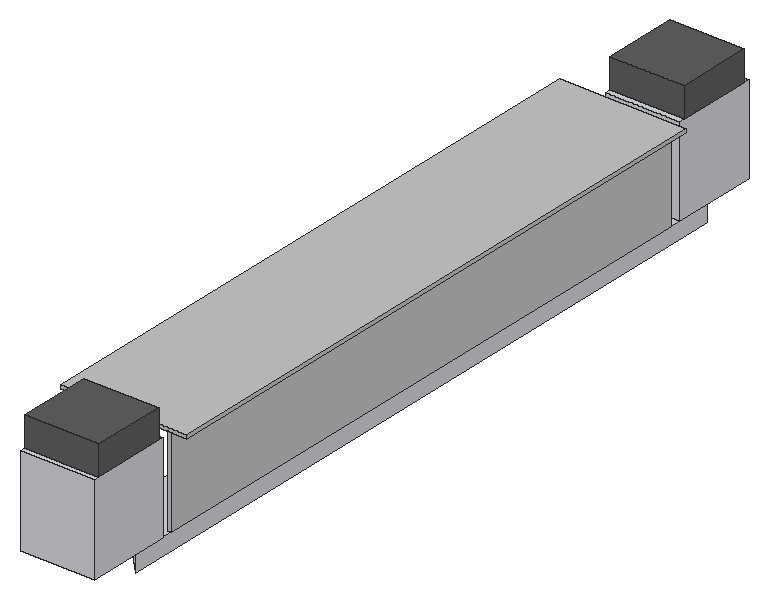
Revit family "Levelers_Kelley_EOD", category Generic Models, host Face, Revit 2023
Family settings
  Host = Face
  Can host rebar = No
  Round Connector Dimension = Use Diameter
  Part Type = Normal
  Cut with Voids When Loaded = No
  Maintain Annotation Orientation = No
  Shared = No
  Room Calculation Point = No
Parameters (values of type "84 PO Package")
  URL = "https://www.entrematic.us/en/ent/entrematicus/"
  Type Comments = ""
  Model = "EOD"
  Manufacturer = "Entrematic"
  LipLength = 1' - 3"
  LipExtention = 0' - 2"
  Hyd = ""
  EmbedWidth = DeckWidth + 1' 0"  # 8' - 0"
  Description = "Edge Of Dock Leveler"
  Default Elevation = 4' - 0"
  DeckWidth = 7' - 0"
  Capacity = "20/30k"
  BumperHeight = 0' - 10"
Types (9): name | LipExtention | EmbedWidth | DeckWidth
  (no name) | 0' - 2" | 8' - 0" | 7' - 0"
  72 | 0' - 0" | 7' - 0" | 6' - 0"
  66 PO Package | 0' - 2" | 6' - 6" | 5' - 6"
  72 PO Package | 0' - 2" | 7' - 0" | 6' - 0"
  78 | 0' - 0" | 7' - 6" | 6' - 6"
  78 PO Package | 0' - 2" | 7' - 6" | 6' - 6"
  84 | 0' - 0" | 8' - 0" | 7' - 0"
  84 PO Package | 0' - 2" | 8' - 0" | 7' - 0"
  66 | 0' - 0" | 6' - 6" | 5' - 6"
Reference planes (in)
  plane 1 "Center (Front/Back)": y = 0
  plane 2: z = 0
  plane 3 "Center (Left/Right)": x = 0
  plane 4: y = 43.5
  plane 5: y = -43.5
  plane 6: y = 42
  plane 7: y = -42
  plane 8: y = 55
  plane 9: y = -55
  plane 10: z = 12
  plane 11: x = 8
  plane 12: z = -2.25
  plane 13: z = -0.25
  plane 14: y = 48
  plane 15: y = -48
  plane 16: x = 7.5
  plane 17: x = 0.5
  plane 18: x = 10
  plane 19: x = -2
  plane 20: y = 54.25
  plane 21: y = 44.25
  plane 22: y = -44.25
  plane 23: y = -54.25
  plane 24: z = 16
Forms (in)
  Extrusion 1, solid
    sketch origin (0, 0, 0) x (1, 0, 0) y (0, 0, 1)
      loop
        line (8, 0) -> (0, 0) -> (0, -2.25) -> (0.5, -0.25) -> (7.5, -0.25) -> (8, -2.25) -> (8, 0)
    from -48 to 48
  Extrusion 2, solid, material "Serco Diamond"
    sketch origin (0, 0, 0) x (1, 0, 0) y (0, 0, 1)
      loop
        line (8, 0) -> (8, 12) -> (7.5, 12) -> (7.5, 0) -> (8, 0)
    from -42 to 42
  Extrusion 3, solid, material "Serco Diamond"
    sketch origin (0, 0, 0) x (1, 0, 0) y (0, 0, 1)
      loop
        line (10, 12) -> (10, 12.5) -> (-7, 12.5) -> (-7, 12) -> (10, 12)
    from -42 to 42
  Extrusion 4, solid
    sketch origin (0, 0, 0) x (1, 0, 0) y (0, 1, 0)
      loop
        line (8, 43.5) -> (8, 55) -> (-2, 55) -> (-2, 43.5) -> (8, 43.5)
      loop
        line (8, -43.5) -> (-2, -43.5) -> (-2, -55) -> (8, -55) -> (8, -43.5)
    from 0 to 12
  Extrusion 5, solid, material "Bumper"
    sketch origin (0, 0, 0) x (1, 0, 0) y (0, 1, 0)
      loop
        line (8, -44.25) -> (-2, -44.25) -> (-2, -54.25) -> (8, -54.25) -> (8, -44.25)
      loop
        line (8, 54.25) -> (-2, 54.25) -> (-2, 44.25) -> (8, 44.25) -> (8, 54.25)
    from 12 to 16
Text (in)
  text "Conduit Location\nHydraulic Model" at (29.3365, -31.9203, -4.76533), in view "View 1"
  text "Conduit Location\nAir Model" at (-33.16464, -40.7136, 2.88845), in view "View 1"
Dimensions and locks (in)
  locked: plane 6 to plane 4 at 1.5
  locked: plane 5 to plane 7 at 1.5
  equal spacing: plane 6, plane 1 "Center (Front/Back)", plane 7
  "DeckWidth": plane 6 to plane 7
  locked: plane 9 to plane 5 at 11.5
  locked: plane 8 to plane 4 at 11.5
  locked: plane 10 to plane 2 at 12
  locked: plane 11 to plane 3 "Center (Left/Right)" at 8
  plane 2 to plane 13 to plane 12 = 0' - 0 1/4" locked, 0' - 2" locked
  equal spacing: plane 14, plane 1 "Center (Front/Back)", plane 15
  "EmbedWidth": plane 14 to plane 15
  plane 17 to plane 16 to plane 11 = 0' - 7", 0' - 0 1/2"
  locked: Extrusion 2 sketch curve to Extrusion 2 sketch curve at 0.5
  locked: Extrusion 3 sketch curve to Extrusion 3 sketch curve at 0.5
  "LipExtention": plane 18 to plane 11
  "LipLength": plane 11 to Extrusion 3 sketch curve
  "BumperHeight": plane 19 to Extrusion 1
  plane 3 "Center (Left/Right)" to Extrusion 4 = 0' - 8"
  plane 21 to plane 20 to plane 8 = 0' - 10" locked, 0' - 0 3/4" locked
  plane 9 to plane 23 to plane 22 = 0' - 0 3/4" locked, 0' - 10" locked
  locked: plane 24 to Extrusion 4 at 4
  connector elem to Extrusion 2 = 1' - 0"
  plane 1 "Center (Front/Back)" to connector elem = 2' - 6"
  locked: connector elem to Extrusion 2 at 26
  aligned and locked: plane 2 to host face
  aligned and locked: level to host face
  aligned and locked: plane 3 "Center (Left/Right)" to Extrusion 1 sketch curve
  aligned and locked: Extrusion 1 sketch curve to plane 13
  aligned and locked: Extrusion 1 sketch curve to host face
  aligned and locked: Extrusion 1 sketch curve to plane 11
  aligned and locked: plane 12 to Extrusion 1 sketch curve
  aligned and locked: Extrusion 1 sketch curve to plane 12
  aligned and locked: plane 14 to Extrusion 1
  aligned and locked: Extrusion 1 to plane 15
  aligned and locked: plane 10 to Extrusion 2 sketch curve
  aligned and locked: plane 11 to Extrusion 2 sketch curve
  aligned and locked: plane 7 to Extrusion 2
  aligned and locked: plane 6 to Extrusion 2
  aligned and locked: Extrusion 3 sketch curve to plane 18
  aligned and locked: plane 6 to Extrusion 3
  aligned and locked: plane 7 to Extrusion 3
  aligned and locked: plane 10 to Extrusion 3 sketch curve
  aligned and locked: plane 4 to Extrusion 4 sketch curve
  aligned and locked: Extrusion 4 sketch curve to plane 8
  aligned and locked: plane 19 to Extrusion 4 sketch curve
  aligned and locked: Extrusion 4 sketch curve to plane 11
  aligned and locked: plane 5 to Extrusion 4 sketch curve
  aligned and locked: plane 11 to Extrusion 4 sketch curve
  aligned and locked: plane 9 to Extrusion 4 sketch curve
  aligned and locked: Extrusion 4 sketch curve to plane 19
  aligned and locked: plane 10 to Extrusion 4
  aligned and locked: Extrusion 5 sketch curve to plane 22
  aligned and locked: plane 11 to Extrusion 5 sketch curve  (x2)
  aligned and locked: Extrusion 5 sketch curve to plane 23
  aligned and locked: Extrusion 5 sketch curve to plane 19  (x2)
  aligned and locked: Extrusion 5 sketch curve to plane 20
  aligned and locked: Extrusion 5 sketch curve to plane 21
  aligned and locked: Extrusion 5 to plane 10
  aligned and locked: Extrusion 5 to plane 24
  aligned and locked: plane 17 to Extrusion 1 sketch curve
  aligned and locked: plane 16 to Extrusion 1 sketch curve
  aligned and locked: Extrusion 4 to level
Automatic sketch dimensions
  host sketch curve to host sketch curve = 8' - 0"  (x2)
  Extrusion 2 sketch curve to level = 0' - 0"
Connectors (in)
  electrical at (-4, -30, 0), driven by "Hyd"
    settings: on level, index 1, voltage 0 V, apparent load 0 VA, apparent load phase1 0 VA, apparent load phase2 0 VA, apparent load phase3 0 VA, power factor 1, load classification "Other", number of poles 1, system type 31, power factor state 1, is connector primary yes, connector utility no, sub classification motor no, connector description ""
  electrical at (-18.5, -38, 0)
    settings: on host face, index 2, voltage 0 V, apparent load 0 VA, apparent load phase1 0 VA, apparent load phase2 0 VA, apparent load phase3 0 VA, power factor 1, load classification "Other", number of poles 1, system type 31, power factor state 1, is connector primary no, connector utility no, sub classification motor no, connector description ""
